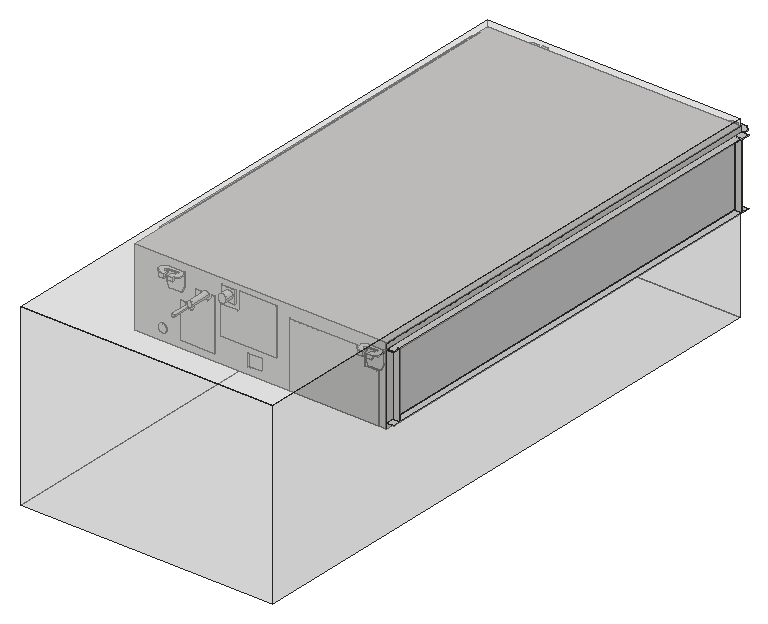
Revit family "outputfile", category 機械設備, Revit 2024
Family settings
  丸型コネクタ寸法 = 半径を使用
  パーツ タイプ = 標準
  OmniClass 番号 = 23.75.10.24.21.27.27
  OmniClass タイトル = Split System Air Conditioning Units
  作業面ベース = いいえ
  常に垂直 = はい
  ロード時にボイドで切り取り = いいえ
  注釈の向きを維持 = いいえ
  共有 = いいえ
  部屋計算ポイント = はい
Parameters (values of type "FBA42BV2S")
  Description = ""
  製造元 = "Daikin"
  書き出し IFC クラス(タイプ) = "IfcUnitaryEquipmentType"
  定義済み IFC タイプ(タイプ) = "AIRCONDITIONINGUNIT"
  Cost = 0
  モデル = "FBA42BV2S"
  Type Comments = ""
  Keynote = ""
  Type Image = (empty or 0)
  Assembly Code = ""
  switch_frequency = yes
  r_Liquid Pipe Size = Liquid Pipe Size / 2  # 4.75 mm
  r_Gas Pipe Size = Gas Pipe Size / 2  # 7.95 mm
  r_Drain Pipe Size = Drain Pipe Size / 2  # 12.5 mm
  lw_power = 770.0 mm  # constant formula
  lh_SA = 138.0 mm  # constant formula
  lw_SA = if(Depth = 550.0 mm, 225.0 mm, if(Depth = 700.0 mm, 300.0 mm, if(Depth = 1000.0 mm, 450.0 mm, if(Depth = 1400.0 mm, 650.0 mm, 725.0 mm))))  # 650.0 mm
  lw_RA = if(Depth = 550.0 mm, 275.0 mm, if(Depth = 700.0 mm, 349.0 mm, if(Depth = 1000.0 mm, 499.0 mm, if(Depth = 1400.0 mm, 699.0 mm, 775.0 mm))))  # 699.0 mm
  lh_power = 60.0 mm + [h***]  # 60.0 mm
  lh_mountinghole1 = lh_mountinghole + [h***]  # 222.0 mm
  lh_RA = 123.0 mm  # constant formula
  ld_power = Depth / 2  # 700.0 mm
  connector_voltage = Voltage_50Hz  # 220 V
  connector_powerinput = [Power Input (Cooling)]  # 4.160 kW
  connector_phase = Phase_50Hz  # 1
  Voltage_comment_50Hz = "220 - 240"
  Voltage_50Hz = 220 V
  URL = ""
  Supply Air Direction [instance] = yes
  Sound Power Level_H speed (dB) = 0
  Phase_50Hz = 1
  Minimum External Static Pressure = 50.00 Pa
  Minimum Circuit Amps_50Hz = 2.9 A
  Maximum Fuse Amps_50Hz = 16.0 A
  Maximum External Static Pressure = 150.00 Pa
  Material_Casing = DAIKIN_GalvanizedSteel_Casing_indoorunit
  lw_mountinghole = 630.0 mm  # constant formula
  lh_gaspipe = 183.0 mm + [h***]  # 183.0 mm
  lh_mountinghole = 222.0 mm  # constant formula
  lh_liquidpipe = 136.0 mm + [h***]  # 136.0 mm
  lh_drainpipe = 207.0 mm + [h***]  # 207.0 mm
  lh_antena = Height - lh_mountinghole + 1.0 mm  # 24.0 mm
  ld_drainpipe = Depth / 2 + 26.0 mm  # 726.0 mm
  ld_liquidpipe = Depth / 2 + 69.0 mm  # 769.0 mm
  ld_gaspipe = Depth / 2 + 65.0 mm  # 765.0 mm
  ld_mountinghole = Depth + 38.0 mm  # 1438.0 mm
  h*** = 0.0 mm  # constant formula
  lw_liquidpipe = 179.0 mm  # constant formula
  lw_gaspipe = 229.0 mm  # constant formula
  lw_drainpipe = 300.0 mm  # constant formula
  Width = 800.0 mm
  Version = "ver.1.0"
  Unit Type = "M.S.P. Duct"
  Unit Mass Weight = 47.00 kg
  Unit Designation [instance] = ""
  Uniclass2015Version = "Products v1.30"
  Uniclass2015Title = "Split coil room air conditioning units"
  Uniclass2015Code = "Pr_70_65_03_86"
  Total Cooling Capacity [instance] = 0.000 kW
  Sound Pressure Level_M speed (dBA) = 37.5
  Sound Pressure Level_L speed (dBA) = 35
  Sound Pressure Level_H speed (dBA) = 40
  Series = "SkyAir_Fan Coil Unit"
  Sensible Cooling Capacity [instance] = 0.000 kW
  SA Duct Size Width = 1192.0 mm
  SA Duct Size Height = 176.0 mm
  Refrigerant Type = "R32"
  RA Duct Size Width = 1352.0 mm
  RA Duct Size Height = 208.0 mm
  Power Input (Cooling) = 4.160 kW
  Option Accessory 3 [instance] = ""
  Option Accessory 2 [instance] = ""
  Option Accessory 1 [instance] = ""
  Nominal Cooling Capacity = 12.300 kW
  Minimum Airflow = 1500.00 m³/h
  Median Airflow = 1830.00 m³/h
  Maximum Airflow = 2160.00 m³/h
  Load Classification = HVAC
  Liquid Pipe Size = 9.5 mm
  Link_Nested Family [instance] = ""
  IfcVersion = ""
  IfcExportType = "AIRCONDITIONINGUNIT"
  IfcExportAs = "IfcUnitaryEquipmentType"
  Height = 245.0 mm
  Heat Exchanger Type = "Cross Fin Coil"
  Gas Pipe Size = 15.9 mm
  Frequency_50Hz = 50 Hz
  Fan Type = "Sirocco Fan"
  Fan Drive = "Direct Drive"
  FCU Tag No. [instance] = ""
  Drain Pipe Size = 25.0 mm
  Design Supply Airflow [instance] = 0.00 m³/h
  Design Return Airflow [instance] = 0.00 m³/h
  Design External Static Pressure [instance] = 0.00 Pa
  Depth = 1400.0 mm
  既定の高さ = 0.0 mm
  Cooling Entering Wet Bulb Temperature [instance] = 0.00 °C
  Cooling Entering Dry Bulb Temperature [instance] = 0.00 °C
  Cooling Ambient Wet Bulb Temperature [instance] = 0.00 °C
  Cooling Ambient Dry Bulb Temperature [instance] = 0.00 °C
  Clearance visibility [instance] = yes
  Clearance Top = 20.0 mm
  Clearance Right = 0.0 mm
  Clearance Rear = 0.0 mm
  Clearance Left = 0.0 mm
  Clearance Front = 450.0 mm
  Clearance Bottom = 300.0 mm
Reference planes
  plane 1 "Center (Front/Back)": y = 0
  plane 2 "h": z = 0
  plane 3 "Center (Left/Right)": x = 0
  plane 4 "Back": y = 700
  plane 5 "Front": y = -700
  plane 6 "Left": x = -400
  plane 7 "Right": x = 400
  plane 8 "Top": z = 0
  plane 9 "Bottom": z = -245
  plane 10: y = -215
  plane 11: y = 700
  plane 12: y = -1150
  plane 13: x = -400
  plane 14: x = 400
  plane 15: z = 20
  plane 16: z = -545
  plane 17: x = -400
  plane 18: x = -399
  plane 19: x = 399
  plane 20: y = 50
  plane 21: y = -1
  plane 22: z = -122
  plane 23: y = -701
  plane 24: z = -109
  plane 25: x = -221
  plane 26: y = -765
  plane 27: z = -62
  plane 28: x = -171
  plane 29: y = -726
  plane 30: z = -38
  plane 31: x = -100
  plane 32: x = -100
  plane 33: x = -221
  plane 34: x = -171
  plane 35: x = 370
  plane 36: x = -266
  plane 37: x = 364
  plane 38: y = -719
  plane 39: y = 719
  plane 40: z = -23
  plane 41: z = -107
  plane 42: y = -769
  plane 43: z = -207
  plane 44: x = -309
  plane 45: y = -376
  plane 46: x = -251
  plane 47: x = -203
  plane 48: x = -144
  plane 49: z = -59
  plane 50: z = -106
  plane 51: z = -221
  plane 52: z = -109
  plane 53: x = -221
  plane 54: z = -62
  plane 55: x = -171
  plane 56: z = -17
  plane 57: z = -59
  plane 58: x = -121
  plane 59: x = -79
  plane 60: x = -125
  plane 61: x = -64
  plane 62: x = 53
  plane 63: z = -164
  plane 64: z = -73
  plane 65: z = -16
  plane 66: x = 93.5
  plane 67: x = 374.5
  plane 68: x = 330
  plane 69: z = -88.5
  plane 70: z = -38
  plane 71: z = -242.5
  plane 72: x = -38.5
  plane 73: x = 6.5
  plane 74: z = -181
  plane 75: z = -221
  plane 76: y = -699
  plane 77: x = -424
  plane 78: x = 424
Forms (mm)
  Extrusion 1, solid, material "DAIKIN_GalvanizedSteel_Casing_indoorunit" <- "Material_Casing"
    sketch origin (0, 0, 0) x (1, 0, 0) y (0, 1, 0)
      loop
        line (-399, 700) -> (-399, -700) -> (399, -700) -> (399, 700) -> (-399, 700)
    from -245 to 0
  Extrusion 2, solid, material "DAIKIN_GalvanizedSteel_Casing_indoorunit" <- "Material_Casing"
    sketch origin (0, 0, 0) x (1, 0, 0) y (0, 0, 1)
      loop
        line (-251, -221) -> (-144, -221) -> (-144, -59) -> (-154.47, -59)
        arc (-154.47, -59) -> (-171, -78.8) -> (-187.53, -59) r 16.8
        line (-187.53, -59) -> (-203, -59) -> (-203, -106) -> (-206.916, -106)
        arc (-206.916, -106) -> (-221, -123.4) -> (-235.084, -106) r 14.4
        line (-235.084, -106) -> (-251, -106) -> (-251, -221)
    from 700 to 701
  Extrusion 3, solid, material "DAIKIN_GalvanizedSteel_Casing_indoorunit" <- "Material_Casing"
    sketch origin (0, 0, 0) x (1, 0, 0) y (0, 0, 1)
      loop
        line (-121, -17) -> (-121, -59) -> (-79, -59) -> (-79, -17) -> (-121, -17)
      loop
        line (-125, -73) -> (-125, -164) -> (53, -164) -> (53, -16) -> (-64, -16) -> (-64, -73) -> (-125, -73)
    from 700 to 701
  Extrusion 4, solid, material "DAIKIN_GalvanizedSteel_Casing_indoorunit" <- "Material_Casing"
    sketch origin (0, 0, 0) x (1, 0, 0) y (0, 0, 1)
      loop
        line (93.5, -38) -> (93.5, -242.5) -> (374.5, -242.5) -> (374.5, -88.5) -> (330, -88.5) -> (330, -38) -> (93.5, -38)
    from 700 to 701
  Extrusion 5, solid, material "DAIKIN_GalvanizedSteel_Casing_indoorunit" <- "Material_Casing"
    sketch origin (0, 0, 0) x (1, 0, 0) y (0, 0, 1)
      loop
        circle (-221, -109) r 4.75
    from 700 to 769
  Extrusion 6, solid, material "DAIKIN_GalvanizedSteel_Casing_indoorunit" <- "Material_Casing"
    sketch origin (0, 0, 0) x (1, 0, 0) y (0, 0, 1)
      loop
        circle (-171, -62) r 7.95
    from 700 to 765
  Extrusion 7, solid, material "DAIKIN_GalvanizedSteel_Casing_indoorunit" <- "Material_Casing"
    sketch origin (0, 0, 0) x (1, 0, 0) y (0, 0, 1)
      loop
        circle (-100, -38) r 12.5
    from 701 to 726
  Extrusion 8, solid, material "DAIKIN_GalvanizedSteel_Casing_indoorunit" <- "Material_Casing"
    sketch origin (0, 0, 0) x (1, 0, 0) y (0, 0, 1)
      loop
        circle (-309, -207) r 13
    from 700 to 526
  Extrusion 9, void
    sketch origin (0, 0, 0) x (1, 0, 0) y (0, 0, 1)
      loop
        line (-38.5, -181) -> (-38.5, -221) -> (6.5, -221) -> (6.5, -181) -> (-38.5, -181)
    from 699 to 700
Cuts and joins
  Extrusion 9 cuts Extrusion 1
Dimensions and locks
  "Height": plane 8 "Top" to plane 9 "Bottom"
  equal spacing: plane 4 "Back", plane 1 "Center (Front/Back)", plane 5 "Front"
  "Depth": plane 4 "Back" to plane 5 "Front"
  equal spacing: plane 6 "Left", plane 3 "Center (Left/Right)", plane 7 "Right"
  "Width": plane 6 "Left" to plane 7 "Right"
  "Clearance Left": plane 13 to plane 6 "Left"
  "Clearance Right": plane 7 "Right" to plane 14
  "Clearance Rear": plane 11 to plane 4 "Back"
  "Clearance Front": plane 5 "Front" to plane 12
  "Clearance Top": plane 15 to plane 8 "Top"
  "Clearance Bottom": plane 9 "Bottom" to plane 16
  locked: plane 17 to plane 18 at 1
  locked: plane 19 to plane 14 at 1
  "lw_SA": plane 11 to plane 20
  "lw_RA": plane 21 to plane 5 "Front"
  "lh_RA": plane 22 to plane 9 "Bottom"
  locked: plane 5 "Front" to plane 23 at 1
  "lw_liquidpipe": plane 25 to plane 6 "Left"
  "lh_liquidpipe": plane 24 to plane 9 "Bottom"
  "lh_gaspipe": plane 27 to plane 9 "Bottom"
  "lw_gaspipe": plane 28 to plane 6 "Left"
  "ld_gaspipe": plane 26 to plane 1 "Center (Front/Back)"
  "ld_drainpipe": plane 29 to plane 1 "Center (Front/Back)"
  "lh_drainpipe": plane 30 to plane 9 "Bottom"
  "lw_drainpipe": plane 31 to plane 6 "Left"
  "lw_drainpipe": plane 6 "Left" to plane 32
  "lw_liquidpipe": plane 6 "Left" to plane 33
  "lw_gaspipe": plane 6 "Left" to plane 34
  "lw_power": plane 6 "Left" to plane 35
  locked: plane 17 to plane 36 at 134
  "lw_mountinghole": plane 36 to plane 37
  equal spacing: plane 38, plane 1 "Center (Front/Back)", plane 39
  "ld_mountinghole": plane 39 to plane 38
  "lh_mountinghole": plane 40 to plane 9 "Bottom"
  "lh_SA": plane 41 to plane 9 "Bottom"
  locked: plane 44 to plane 6 "Left" at 91
  locked: plane 43 to plane 9 "Bottom" at 38
  plane 48 to plane 47 to plane 46 to plane 6 "Left" = 59.0 mm, 48.0 mm, 149.0 mm
  plane 8 "Top" to plane 49 to plane 50 to plane 51 = 59.0 mm locked, 47.0 mm locked, 115.0 mm locked
  plane 55 to plane 53 to plane 6 "Left" = 50.0 mm locked, 179.0 mm locked
  plane 54 to plane 52 to plane 9 "Bottom" = 47.0 mm locked, 136.0 mm locked
  plane 59 to plane 58 to plane 6 "Left" = 42.0 mm locked, 279.0 mm locked
  plane 8 "Top" to plane 56 to plane 57 = 17.0 mm locked, 42.0 mm locked
  plane 62 to plane 61 to plane 60 to plane 6 "Left" = 117.0 mm, 61.0 mm, 275.0 mm
  plane 8 "Top" to plane 65 to plane 64 = 16.0 mm locked, 57.0 mm locked
  locked: plane 65 to plane 63 at 148
  plane 8 "Top" to plane 70 to plane 69 to plane 71 = 38.0 mm locked, 50.5 mm locked, 154.0 mm locked
  plane 67 to plane 68 to plane 66 to plane 6 "Left" = 44.5 mm locked, 236.5 mm locked, 493.5 mm locked
  plane 8 "Top" to plane 74 to plane 75 = 181.0 mm locked, 40.0 mm locked
  plane 73 to plane 72 to plane 6 "Left" = 45.0 mm, 361.5 mm
  locked: plane 76 to plane 5 "Front" at 1
  locked: plane 77 to plane 17 at 24
  locked: plane 14 to plane 78 at 24
  "ld_liquidpipe": plane 42 to plane 1 "Center (Front/Back)"
  "r_Liquid Pipe Size": radius of Extrusion 5 sketch curve
  "r_Gas Pipe Size": radius of Extrusion 6 sketch curve
  "r_Drain Pipe Size": radius of Extrusion 7 sketch curve
  aligned and locked: level to plane 2 "h"
  aligned and locked: plane 8 "Top" to Extrusion 1
  aligned and locked: Extrusion 1 to plane 9 "Bottom"
  aligned and locked: nested 5 to plane 12
  aligned and locked: plane 13 to nested 5
  aligned and locked: plane 14 to nested 5
  aligned and locked: nested 5 to plane 13
  aligned and locked: plane 11 to nested 5
  aligned and locked: plane 15 to nested 5
  aligned and locked: plane 16 to nested 5
  aligned and locked: plane 5 "Front" to Extrusion 1 sketch curve
  aligned and locked: Extrusion 1 to plane 18
  aligned and locked: plane 19 to Extrusion 1
  aligned and locked: nested 7 to plane 18
  aligned and locked: nested 7 to plane 20
  aligned and locked: plane 19 to nested 8
  aligned and locked: plane 21 to nested 8
  aligned and locked: plane 22 to nested 8
  aligned and locked: Extrusion 2 to plane 23
  aligned and locked: plane 5 "Front" to Extrusion 2
  aligned and locked: Extrusion 3 to plane 23
  aligned and locked: plane 5 "Front" to Extrusion 3
  aligned and locked: plane 5 "Front" to Extrusion 4
  aligned and locked: Extrusion 5 sketch curve to plane 25
  aligned and locked: plane 24 to Extrusion 5 sketch curve
  aligned and locked: plane 5 "Front" to Extrusion 5
  aligned and locked: Extrusion 6 sketch curve to plane 28
  aligned and locked: plane 27 to Extrusion 6 sketch curve
  aligned and locked: plane 5 "Front" to Extrusion 6
  aligned and locked: Extrusion 7 sketch curve to plane 31
  aligned and locked: Extrusion 7 sketch curve to plane 30
  aligned and locked: Extrusion 7 to plane 29
  aligned and locked: plane 23 to Extrusion 7
  aligned and locked: nested 3 to plane 29
  aligned and locked: nested 3 to plane 32
  aligned and locked: nested 2 to plane 33
  aligned and locked: nested 1 to plane 34
  aligned and locked: Extrusion 6 to plane 26
  aligned and locked: nested 1 to plane 26
  aligned and locked: nested 6 to plane 5 "Front"
  aligned and locked: nested 6 to plane 35
  aligned and locked: plane 36 to nested 10
  aligned and locked: nested 10 to plane 5 "Front"
  aligned and locked: plane 37 to nested 9
  aligned and locked: nested 9 to plane 5 "Front"
  aligned and locked: nested 11 to plane 36
  aligned and locked: plane 4 "Back" to nested 11
  aligned and locked: nested 12 to plane 37
  aligned and locked: plane 4 "Back" to nested 12
  aligned and locked: plane 40 to nested 10
  aligned and locked: plane 40 to nested 11
  aligned and locked: plane 40 to nested 9
  aligned and locked: plane 40 to nested 12
  aligned and locked: plane 36 to nested 14
  aligned and locked: nested 14 to plane 39
  aligned and locked: plane 37 to nested 13
  aligned and locked: nested 13 to plane 39
  aligned and locked: plane 37 to nested 16
  aligned and locked: plane 38 to nested 16
  aligned and locked: plane 38 to nested 15
  aligned and locked: plane 36 to nested 15
  aligned and locked: plane 17 to plane 6 "Left"
  aligned and locked: plane 41 to nested 7
  aligned and locked: Extrusion 5 to plane 42
  aligned and locked: nested 2 to plane 42
  aligned and locked: Extrusion 8 sketch curve to plane 44
  aligned and locked: plane 43 to Extrusion 8 sketch curve
  aligned and locked: plane 5 "Front" to Extrusion 8
  aligned and locked: Extrusion 3 sketch curve to plane 56
  aligned and locked: Extrusion 3 sketch curve to plane 58
  aligned and locked: plane 57 to Extrusion 3 sketch curve
  aligned and locked: plane 59 to Extrusion 3 sketch curve
  aligned and locked: Extrusion 4 to plane 23
  aligned and locked: Extrusion 9 sketch curve to plane 74
  aligned and locked: plane 75 to Extrusion 9 sketch curve
  aligned and locked: plane 73 to Extrusion 9 sketch curve
  aligned and locked: plane 5 "Front" to Extrusion 9
  aligned and locked: plane 76 to Extrusion 9
  aligned and locked: nested 17 to plane 20
  aligned and locked: nested 17 to plane 77
  aligned and locked: plane 21 to nested 18
  aligned and locked: plane 78 to nested 18
  aligned and locked: plane 41 to nested 17
  aligned and locked: nested 18 to plane 22
  aligned and locked: nested 4 to plane 3 "Center (Left/Right)"
  aligned and locked: plane 1 "Center (Front/Back)" to nested 4
  aligned and locked: level to plane 8 "Top"
Automatic sketch dimensions
  plane 6 "Left" to Extrusion 1 sketch curve = 1.0 mm
  Extrusion 1 sketch curve to plane 7 "Right" = 1.0 mm
  Extrusion 1 sketch curve to plane 4 "Back" = 0.0 mm
  Extrusion 2 sketch curve to plane 46 = 0.0 mm
  Extrusion 2 sketch curve to plane 33 = 0.0 mm
  Extrusion 2 sketch curve to plane 47 = 0.0 mm
  Extrusion 2 sketch curve to plane 34 = 0.0 mm
  Extrusion 2 sketch curve to plane 48 = 0.0 mm
  Extrusion 2 sketch curve to plane 51 = 0.0 mm
  Extrusion 2 sketch curve to plane 52 = 0.0 mm
  Extrusion 2 sketch curve to plane 50 = 0.0 mm  (x3)
  Extrusion 2 sketch curve to plane 54 = 0.0 mm
  Extrusion 2 sketch curve to plane 49 = 0.0 mm  (x3)
  plane 33 to Extrusion 2 sketch curve = 14.084 mm
  plane 34 to Extrusion 2 sketch curve = 16.53 mm
  Extrusion 3 sketch curve to plane 60 = 0.0 mm
  Extrusion 3 sketch curve to plane 61 = 0.0 mm
  Extrusion 3 sketch curve to plane 62 = 0.0 mm
  Extrusion 3 sketch curve to plane 63 = 0.0 mm
  Extrusion 3 sketch curve to plane 64 = 0.0 mm
  Extrusion 3 sketch curve to plane 65 = 0.0 mm
  Extrusion 4 sketch curve to plane 66 = 0.0 mm
  Extrusion 4 sketch curve to plane 68 = 0.0 mm
  Extrusion 4 sketch curve to plane 67 = 0.0 mm
  Extrusion 4 sketch curve to plane 71 = 0.0 mm
  Extrusion 4 sketch curve to plane 69 = 0.0 mm
  Extrusion 4 sketch curve to plane 70 = 0.0 mm
  Extrusion 9 sketch curve to plane 72 = 0.0 mm
  radius of Extrusion 8 sketch curve = 13.0 mm
Nested families
  nested 1: "daikin_connector_rotate2" at (-171, 0, -62), length <- "ld_gaspipe", built-in parameter 1001364 <- "lh_gaspipe", radius <- "r_Gas Pipe Size", type "daikin_connector_rotate2"
    with radius 7.95 mm, length 765.0 mm, angle_vertical 90.00°
  nested 2: "daikin_connector_rotate2" at (-221, 0, -109), length <- "ld_liquidpipe", built-in parameter 1001364 <- "lh_liquidpipe", radius <- "r_Liquid Pipe Size", type "daikin_connector_rotate2"
    with radius 4.75 mm, length 769.0 mm, angle_vertical 90.00°
  nested 3: "daikin_connector_rotate2" at (-100, 0, -38), length <- "ld_drainpipe", built-in parameter 1001364 <- "lh_drainpipe", radius <- "r_Drain Pipe Size", type "daikin_connector_rotate2"
    with radius 12.5 mm, length 726.0 mm, angle_vertical 90.00°
  nested 4: "daikin_△_symbolicline" at (0, 0, 245) x (0, -1, 0) z (0, 0, 1), built-in parameter 1001364 <- "Height", visible <- "Supply Air Direction", type "daikin_△_symbolicline"
    with length 200.0 mm
  nested 5: "daikin_clearancespace" at (0, -225, -262.381), visible <- "Clearance visibility", show <- "Clearance visibility", Link_Nested Family <- "Link_Nested Family", type "daikin_clearancespace"
    with width 800.0 mm, show yes, height 565.0 mm, depth 1850.0 mm, Link_Nested Family ""
  nested 6: "daikin_connector_rotate2" at (370, 0, -185), built-in parameter 1001364 <- "lh_power", length <- "ld_power", type "daikin_connector_rotate2"
    with radius 10.0 mm, length 700.0 mm, angle_vertical 90.00°
  nested 7: "daikin_ductflange_FBA-BV2S2" at (-399, 50, -107) x (0, -1, 0) z (0, 0, 1), type "daikin_ductflange_FBA-BV2S2"
  nested 8: "daikin_ductflange_FBA-BV2S" at (399, -1, -122) x (0, 1, 0) z (0, 0, 1), type "daikin_ductflange_FBA-BV2S"
    with width 1352.0 mm, lw 25.0 mm, w 1400.0 mm
  nested 9: "daikin_hangerfixture_FBA-BV2S" at (364, -700, -23), type "daikin_hangerfixture_FBA-BV2S"
  nested 10: "daikin_hangerfixture_FBA-BV2S" at (-266, -700, -23), type "daikin_hangerfixture_FBA-BV2S"
  nested 11: "daikin_hangerfixture_FBA-BV2S" at (-266, 700, -23) x (-1, 0, 0) z (0, 0, 1), type "daikin_hangerfixture_FBA-BV2S"
  nested 12: "daikin_hangerfixture_FBA-BV2S" at (364, 700, -23) x (-1, 0, 0) z (0, 0, 1), type "daikin_hangerfixture_FBA-BV2S"
  nested 13: "daikin_mountinghole" at (364, 719, -245), h_mountinghole <- "lh_mountinghole1", l_antenna <- "lh_antena", Link_Nested Family <- "Link_Nested Family", type "daikin_mountinghole"
    with show yes, l_antenna 24.0 mm, h_mountinghole 222.0 mm, Link_Nested Family ""
  nested 14: "daikin_mountinghole" at (-266, 719, -245), h_mountinghole <- "lh_mountinghole1", l_antenna <- "lh_antena", Link_Nested Family <- "Link_Nested Family", type "daikin_mountinghole"
    with show yes, l_antenna 24.0 mm, h_mountinghole 222.0 mm, Link_Nested Family ""
  nested 15: "daikin_mountinghole" at (-266, -719, -245), h_mountinghole <- "lh_mountinghole1", l_antenna <- "lh_antena", Link_Nested Family <- "Link_Nested Family", type "daikin_mountinghole"
    with show yes, l_antenna 24.0 mm, h_mountinghole 222.0 mm, Link_Nested Family ""
  nested 16: "daikin_mountinghole" at (364, -719, -245), h_mountinghole <- "lh_mountinghole1", l_antenna <- "lh_antena", Link_Nested Family <- "Link_Nested Family", type "daikin_mountinghole"
    with show yes, l_antenna 24.0 mm, h_mountinghole 222.0 mm, Link_Nested Family ""
  nested 17: "daikin_connector_rotate2" at (-400, 50, -107) x (0, -1, 0) z (0, 0, 1), type "daikin_connector_rotate2"
    with radius 10.0 mm, length 24.0 mm, angle_vertical 90.00°
  nested 18: "daikin_connector_rotate2" at (400, -1, -122) x (0, 1, 0) z (0, 0, 1), type "daikin_connector_rotate2"
    with radius 10.0 mm, length 24.0 mm, angle_vertical 90.00°
Connectors
  piping at (-100, -726, -38), diameter 25, driven by "r_Drain Pipe Size"
    settings: on nested 3, index 3, connector inside diameter 609.6 mm, connector length 0.0 mm, flow factor 0, pipe flow 0.00 m³/h, pressure drop 0.0 Pa, fitting loss kfactor 0, connector angle 0.00°, fixture units 0, engagement length 0.0 mm, angle of deflection 0.00°, flow configuration 1, flow direction 2, fitting loss method 4, system type 16, joint type 0, gender type 0, connector reference index -1, connector utility 0, adjustable connector no, is connector primary yes, connector description "Condensate Drain Piping"
  piping at (-171, -765, -62), diameter 15.9, driven by "r_Gas Pipe Size"
    settings: on nested 1, index 4, connector inside diameter 609.6 mm, connector length 0.0 mm, flow factor 0, pipe flow 0.00 m³/h, pressure drop 0.0 Pa, fitting loss kfactor 0, connector angle 0.00°, fixture units 0, engagement length 0.0 mm, angle of deflection 0.00°, flow configuration 1, flow direction 2, fitting loss method 0, system type 29, joint type 0, gender type 0, connector reference index -1, connector utility 0, adjustable connector no, is connector primary no, connector description "Refrigerant Gas Piping"
  piping at (-221, -769, -109), diameter 9.5, driven by "r_Liquid Pipe Size"
    settings: on nested 2, index 5, connector inside diameter 609.6 mm, connector length 0.0 mm, flow factor 0, pipe flow 0.00 m³/h, pressure drop 0.0 Pa, fitting loss kfactor 0, connector angle 0.00°, fixture units 0, engagement length 0.0 mm, angle of deflection 0.00°, flow configuration 1, flow direction 1, fitting loss method 0, system type 29, joint type 0, gender type 0, connector reference index -1, connector utility 0, adjustable connector no, is connector primary no, connector description "Refrigerant Liquid Piping"
  electrical at (370, -700, -185), driven by "Load Classification", driven by "connector_voltage", driven by "connector_phase", driven by "connector_powerinput"
    settings: on nested 6, index 6, voltage 220 V, apparent load 4160 VA, apparent load phase1 0 VA, apparent load phase2 0 VA, apparent load phase3 0 VA, power factor 1, load classification "HVAC", number of poles 1, system type 30, power factor state 1, is connector primary yes, connector utility no, sub classification motor no, connector description "Power Supply"
  hvac at (-424, 50, -107), driven by "SA Duct Size Height", driven by "SA Duct Size Width"
    settings: on nested 17, index 7, duct flow 0.00 m³/h, flow factor 0, pres drop 0.00 Pa, loss coef 0, conn angle 0.00°, conn width 1192.0 mm, conn height 176.0 mm, conn diameter 609.6 mm, duct sys type 1, conn prof type 1, flow config 0, flow direction 2, loss method 4, conn ref index -1, conn util no, is conn primary yes, conn desc "SA Duct"
  hvac at (424, -1, -122), driven by "RA Duct Size Height", driven by "RA Duct Size Width"
    settings: on nested 18, index 8, duct flow 0.00 m³/h, flow factor 0, pres drop 0.00 Pa, loss coef 0, conn angle 0.00°, conn width 1352.0 mm, conn height 208.0 mm, conn diameter 609.6 mm, duct sys type 2, conn prof type 1, flow config 0, flow direction 1, loss method 4, conn ref index -1, conn util no, is conn primary no, conn desc "RA Duct"
Definition of nested family "daikin_clearancespace"
  Parameters (values of type "daikin_clearancespace")
    Description = "daikin_clearancespace"
    width [instance] = 1823.963 mm
    show [instance] = yes
    material = none
    height [instance] = 1359.762 mm
    depth [instance] = 880.0 mm
    Default Elevation = 0.0 mm
    Link_Nested Family [instance] = ""
  Reference planes
    plane 1 "Center (Front/Back)": y = 0
    plane 2 "Center (Elevation)": z = -0.119
    plane 3 "Center (Left/Right)": x = 0
    plane 4: y = 440
    plane 5: y = -440
    plane 6 "Right": x = 911.982
    plane 7 "Left": x = -911.982
    plane 8 "Top": z = 679.762
    plane 9 "Bottom": z = -680
  Forms (mm)
    Extrusion 1, solid, material <- "material", visible <- "show"
      sketch origin (0, 0, 0) x (1, 0, 0) y (0, 1, 0)
        loop
          line (-911.982, 440) -> (-911.982, -440) -> (911.982, -440) -> (911.982, 440) -> (-911.982, 440)
      from -680 to 679.762
  Lines and regions (mm)
    symbolic lines, visible <- "show"
      curve 1: line (911.982, 440, 0) -> (-911.982, 440, 0)
      curve 2: line (-911.982, 440, 0) -> (-911.982, -440, 0)
      curve 3: line (-911.982, -440, 0) -> (911.982, -440, 0)
      curve 4: line (911.982, -440, 0) -> (911.982, 440, 0)
      curve 5: line (911.982, 0, 679.762) -> (-911.982, 0, 679.762)
      curve 6: line (911.982, 0, -680) -> (911.982, 0, 679.762)
      curve 7: line (-911.982, 0, -680) -> (911.982, 0, -680)
      curve 8: line (-911.982, 0, 679.762) -> (-911.982, 0, -680)
      curve 9: line (0, 440, 679.762) -> (0, -440, 679.762)
      curve 10: line (0, -440, 679.762) -> (0, -440, -680)
      curve 11: line (0, 440, -680) -> (0, 440, 679.762)
      curve 12: line (0, -440, -680) -> (0, 440, -680)
  Dimensions and locks
    "width": plane 7 "Left" to plane 6 "Right"
    "depth": plane 4 to plane 5
    "height": plane 8 "Top" to plane 9 "Bottom"
    equal spacing: plane 7 "Left", plane 3 "Center (Left/Right)", plane 6 "Right"
    equal spacing: plane 4, plane 1 "Center (Front/Back)", plane 5
    equal spacing: plane 8 "Top", plane 2 "Center (Elevation)", plane 9 "Bottom"
    aligned and locked: level to plane 2 "Center (Elevation)"
    aligned and locked: Extrusion 1 sketch curve to plane 4
    aligned and locked: plane 7 "Left" to Extrusion 1 sketch curve
    aligned and locked: Extrusion 1 sketch curve to plane 5
    aligned and locked: Extrusion 1 sketch curve to plane 6 "Right"
    aligned and locked: plane 8 "Top" to Extrusion 1
    aligned and locked: curve 1 to Extrusion 1
    aligned and locked: curve 2 to Extrusion 1
    aligned and locked: curve 3 to Extrusion 1
    aligned and locked: curve 4 to Extrusion 1
    aligned and locked: curve 5 to Extrusion 1
    aligned and locked: curve 6 to Extrusion 1
    aligned and locked: curve 7 to Extrusion 1
    aligned and locked: curve 8 to Extrusion 1
    aligned and locked: curve 9 to Extrusion 1
    aligned and locked: curve 10 to Extrusion 1
    aligned and locked: curve 11 to Extrusion 1
    aligned and locked: curve 12 to Extrusion 1
    aligned and locked: Extrusion 1 to plane 9 "Bottom"
Definition of nested family "daikin_ductflange_FBA-BV2S2"
  Parameters (values of type "daikin_ductflange_FBFC-DVMG2")
    width = if(w = 550.0 mm, 337.0 mm, if(w = 700.0 mm, 492.0 mm, if(w = 1000.0 mm, 792.0 mm, if(w = 1400.0 mm, 1192.0 mm, 1337.0 mm))))  # 1192.0 mm
    material = none
    height = 215.0 mm
    depth = 1.0 mm
    w = 1400.0 mm
    Default Elevation = 0.0 mm
  Reference planes
    plane 1 "Center (Front/Back)": y = 0
    plane 2: z = 0
    plane 3 "Center (Left/Right)": x = 0
    plane 4: z = 88
    plane 5: z = -88
    plane 6: y = -25
    plane 7: z = 106
    plane 8: z = 89
    plane 9: y = -1
    plane 10: x = -617.5
    plane 11: x = 617.5
    plane 12: z = -106
    plane 13: z = -89
    plane 14: y = -1
    plane 15: x = 596
    plane 16: x = -596
    plane 17: x = 597
    plane 18: z = 87
    plane 19: z = -87
    plane 20: x = -597
    plane 21: z = 87
    plane 22: z = -87
    plane 23: y = -1
  Forms (mm)
    Extrusion 1, solid, material <- "material"
      sketch origin (0, 0, 0) x (0, 1, 0) y (0, 0, 1)
        loop
          line (-25, 88) -> (0, 88) -> (0, 106) -> (-1, 106) -> (-1, 89) -> (-25, 89) -> (-25, 88)
      from -617.5 to 617.5
    Extrusion 2, solid, material <- "material"
      sketch origin (0, 0, 0) x (0, 1, 0) y (0, 0, 1)
        loop
          line (-25, -88) -> (-25, -89) -> (-1, -89) -> (-1, -106) -> (0, -106) -> (0, -88) -> (-25, -88)
      from -617.5 to 617.5
    Extrusion 3, solid, material <- "material"
      sketch origin (0, 0, 0) x (1, 0, 0) y (0, 0, 1)
        loop
          line (596, 88) -> (596, -88) -> (617.5, -88) -> (617.5, -87) -> (597, -87) -> (597, 87) -> (617.5, 87) -> (617.5, 88) -> (596, 88)
      from 0 to 25
    Extrusion 4, solid, material <- "material"
      sketch origin (0, 0, 0) x (1, 0, 0) y (0, 0, 1)
        loop
          line (-617.5, 88) -> (-617.5, 87) -> (-597, 87) -> (-597, -87) -> (-617.5, -87) -> (-617.5, -88) -> (-596, -88) -> (-596, 88) -> (-617.5, 88)
      from 0 to 25
    Extrusion 5, solid, material <- "material"
      sketch origin (0, 0, 0) x (1, 0, 0) y (0, 0, 1)
        loop
          line (-617.5, 88) -> (-617.5, -88) -> (-596, -88) -> (-596, 88) -> (-617.5, 88)
        loop
          line (617.5, 88) -> (596, 88) -> (596, -88) -> (617.5, -88) -> (617.5, 88)
      from 0 to 1
  Cuts and joins
    joined: Extrusion 1, Extrusion 2, Extrusion 3, Extrusion 4, Extrusion 5
  Dimensions and locks
    plane 4 to level to plane 5 = 88.0 mm, 88.0 mm
    locked: plane 6 to plane 1 "Center (Front/Back)" at 25
    locked: plane 9 to plane 1 "Center (Front/Back)" at 1
    locked: plane 8 to plane 4 at 1
    locked: plane 16 to plane 10 at 21.5
    locked: plane 17 to plane 15 at 1
    locked: plane 4 to plane 18 at 1
    locked: plane 19 to plane 5 at 1
    "width": plane 15 to plane 16
    plane 4 to plane 5 = 176.0 mm
    locked: plane 16 to plane 20 at 1
    locked: plane 4 to plane 21 at 1
    locked: plane 22 to plane 5 at 1
    locked: plane 23 to plane 1 "Center (Front/Back)" at 1
    plane 4 to level to plane 5 = 88.0 mm locked, 88.0 mm locked
    locked: plane 5 to plane 13 at 1
    locked: plane 5 to plane 12 at 18
    locked: plane 7 to plane 4 at 18
    equal spacing: plane 15, plane 3 "Center (Left/Right)", plane 16
    locked: plane 11 to plane 15 at 21.5
    plane 11 to plane 10 = 1235.0 mm
    aligned and locked: level to plane 2
    aligned and locked: Extrusion 1 to plane 10
    aligned and locked: plane 11 to Extrusion 1
    aligned and locked: plane 5 to Extrusion 2
    aligned and locked: Extrusion 2 to plane 1 "Center (Front/Back)"
    aligned and locked: plane 15 to Extrusion 3 sketch curve
    aligned and locked: Extrusion 3 sketch curve to Extrusion 2  (x2)
    aligned and locked: Extrusion 3 sketch curve to plane 11
    aligned and locked: plane 6 to Extrusion 3
    aligned and locked: Extrusion 2 to plane 10
    aligned and locked: plane 11 to Extrusion 2
    aligned and locked: Extrusion 4 sketch curve to Extrusion 1  (x2)
    aligned and locked: plane 5 to Extrusion 4 sketch curve
    aligned and locked: Extrusion 4 sketch curve to plane 16
    aligned and locked: Extrusion 4 sketch curve to plane 22
    aligned and locked: plane 20 to Extrusion 4 sketch curve
    aligned and locked: plane 21 to Extrusion 4 sketch curve
    aligned and locked: Extrusion 4 to plane 1 "Center (Front/Back)"
    aligned and locked: plane 6 to Extrusion 4
    aligned and locked: Extrusion 5 sketch curve to Extrusion 1  (x4)
    aligned and locked: Extrusion 5 sketch curve to Extrusion 4  (x2)
    aligned and locked: Extrusion 5 sketch curve to Extrusion 3  (x2)
    aligned and locked: Extrusion 5 to plane 1 "Center (Front/Back)"
    aligned and locked: plane 23 to Extrusion 5
  Automatic sketch dimensions
    Extrusion 1 sketch curve to plane 6 = 0.0 mm
    Extrusion 1 sketch curve to plane 7 = 0.0 mm
    Extrusion 1 sketch curve to plane 9 = 0.0 mm
    Extrusion 1 sketch curve to plane 1 "Center (Front/Back)" = 0.0 mm
    Extrusion 1 sketch curve to plane 4 = 0.0 mm
    Extrusion 1 sketch curve to plane 8 = 0.0 mm
    Extrusion 2 sketch curve to plane 6 = 0.0 mm
    plane 12 to Extrusion 2 sketch curve = 0.0 mm
    Extrusion 2 sketch curve to plane 14 = 0.0 mm
    Extrusion 2 sketch curve to plane 1 "Center (Front/Back)" = 0.0 mm
    plane 13 to Extrusion 2 sketch curve = 0.0 mm
    Extrusion 2 sketch curve to plane 5 = 0.0 mm
    Extrusion 3 sketch curve to plane 17 = 0.0 mm
    Extrusion 3 sketch curve to plane 19 = 0.0 mm
    Extrusion 3 sketch curve to plane 18 = 0.0 mm
    Extrusion 3 sketch curve to plane 4 = 0.0 mm
    Extrusion 4 sketch curve to plane 10 = 0.0 mm
Definition of nested family "daikin_ductflange_FBA-BV2S"
  Parameters (values of type "daikin_ductflange_FBFC-DVMG")
    width = if(w = 550.0 mm, 502.0 mm, if(w = 700.0 mm, 654.0 mm, if(w = 1000.0 mm, 952.0 mm, if(w = 1400.0 mm, 1352.0 mm, 1502.0 mm))))  # 654.0 mm
    material = none
    lw = if(width = 654.0 mm, 23.0 mm, 25.0 mm)  # 23.0 mm
    height = 208.0 mm
    depth = 1.0 mm
    w = 700.0 mm
    Default Elevation = 0.0 mm
  Reference planes
    plane 1 "Center (Front/Back)": y = 0
    plane 2: z = 0
    plane 3 "Center (Left/Right)": x = 0
    plane 4: z = 104
    plane 5: z = -104
    plane 6: y = -25
    plane 7: z = 121
    plane 8: z = 105
    plane 9: y = -1
    plane 10: x = -350
    plane 11: x = 350
    plane 12: z = -122
    plane 13: z = -105
    plane 14: y = -1
    plane 15: x = 327
    plane 16: x = -327
    plane 17: x = 328
    plane 18: z = 103
    plane 19: z = -103
    plane 20: x = -328
    plane 21: z = 103
    plane 22: z = -103
    plane 23: y = -1
  Forms (mm)
    Extrusion 1, solid, material <- "material"
      sketch origin (0, 0, 0) x (0, 1, 0) y (0, 0, 1)
        loop
          line (-25, 104) -> (0, 104) -> (0, 121) -> (-1, 121) -> (-1, 105) -> (-25, 105) -> (-25, 104)
      from -350 to 350
    Extrusion 2, solid, material <- "material"
      sketch origin (0, 0, 0) x (0, 1, 0) y (0, 0, 1)
        loop
          line (-25, -104) -> (-25, -105) -> (-1, -105) -> (-1, -122) -> (0, -122) -> (0, -104) -> (-25, -104)
      from -350 to 350
    Extrusion 3, solid, material <- "material"
      sketch origin (0, 0, 0) x (1, 0, 0) y (0, 0, 1)
        loop
          line (327, 104) -> (327, -104) -> (350, -104) -> (350, -103) -> (328, -103) -> (328, 103) -> (350, 103) -> (350, 104) -> (327, 104)
      from 0 to 25
    Extrusion 4, solid, material <- "material"
      sketch origin (0, 0, 0) x (1, 0, 0) y (0, 0, 1)
        loop
          line (-350, 104) -> (-350, 103) -> (-328, 103) -> (-328, -103) -> (-350, -103) -> (-350, -104) -> (-327, -104) -> (-327, 104) -> (-350, 104)
      from 0 to 25
    Extrusion 5, solid, material <- "material"
      sketch origin (0, 0, 0) x (1, 0, 0) y (0, 0, 1)
        loop
          line (-350, 104) -> (-350, -104) -> (-327, -104) -> (-327, 104) -> (-350, 104)
        loop
          line (350, 104) -> (327, 104) -> (327, -104) -> (350, -104) -> (350, 104)
      from 0 to 1
  Cuts and joins
    joined: Extrusion 1, Extrusion 2, Extrusion 3, Extrusion 4, Extrusion 5
  Dimensions and locks
    plane 4 to level to plane 5 = 104.0 mm, 104.0 mm
    locked: plane 6 to plane 1 "Center (Front/Back)" at 25
    locked: plane 9 to plane 1 "Center (Front/Back)" at 1
    locked: plane 8 to plane 4 at 1
    "lw": plane 11 to plane 15
    "lw": plane 16 to plane 10
    locked: plane 17 to plane 15 at 1
    locked: plane 4 to plane 18 at 1
    locked: plane 19 to plane 5 at 1
    "width": plane 15 to plane 16
    equal spacing: plane 15, plane 3 "Center (Left/Right)", plane 16
    locked: plane 16 to plane 20 at 1
    locked: plane 4 to plane 21 at 1
    locked: plane 22 to plane 5 at 1
    locked: plane 23 to plane 1 "Center (Front/Back)" at 1
    locked: plane 7 to plane 4 at 17
    locked: plane 1 "Center (Front/Back)" to plane 14 at 1
    locked: plane 5 to plane 13 at 1
    "height": plane 4 to plane 5
    plane 11 to plane 10 = 700.0 mm
    locked: plane 12 to plane 13 at 17
    equal spacing: plane 4, level, plane 5
    aligned and locked: level to plane 2
    aligned and locked: Extrusion 1 to plane 10
    aligned and locked: plane 11 to Extrusion 1
    aligned and locked: plane 5 to Extrusion 2
    aligned and locked: Extrusion 2 to plane 1 "Center (Front/Back)"
    aligned and locked: plane 15 to Extrusion 3 sketch curve
    aligned and locked: Extrusion 3 sketch curve to Extrusion 2  (x2)
    aligned and locked: Extrusion 3 sketch curve to plane 11
    aligned and locked: plane 6 to Extrusion 3
    aligned and locked: Extrusion 2 to plane 10
    aligned and locked: plane 11 to Extrusion 2
    aligned and locked: Extrusion 4 sketch curve to Extrusion 1  (x2)
    aligned and locked: plane 5 to Extrusion 4 sketch curve
    aligned and locked: Extrusion 4 sketch curve to plane 16
    aligned and locked: Extrusion 4 sketch curve to plane 22
    aligned and locked: plane 20 to Extrusion 4 sketch curve
    aligned and locked: plane 21 to Extrusion 4 sketch curve
    aligned and locked: Extrusion 4 to plane 1 "Center (Front/Back)"
    aligned and locked: plane 6 to Extrusion 4
    aligned and locked: Extrusion 5 sketch curve to Extrusion 1  (x4)
    aligned and locked: Extrusion 5 sketch curve to Extrusion 4  (x2)
    aligned and locked: Extrusion 5 sketch curve to Extrusion 3  (x2)
    aligned and locked: Extrusion 5 to plane 1 "Center (Front/Back)"
    aligned and locked: plane 23 to Extrusion 5
  Automatic sketch dimensions
    Extrusion 1 sketch curve to plane 6 = 0.0 mm
    Extrusion 1 sketch curve to plane 7 = 0.0 mm
    Extrusion 1 sketch curve to plane 9 = 0.0 mm
    Extrusion 1 sketch curve to plane 1 "Center (Front/Back)" = 0.0 mm
    Extrusion 1 sketch curve to plane 4 = 0.0 mm
    Extrusion 1 sketch curve to plane 8 = 0.0 mm
    Extrusion 2 sketch curve to plane 6 = 0.0 mm
    plane 12 to Extrusion 2 sketch curve = 0.0 mm
    Extrusion 2 sketch curve to plane 14 = 0.0 mm
    Extrusion 2 sketch curve to plane 1 "Center (Front/Back)" = 0.0 mm
    plane 13 to Extrusion 2 sketch curve = 0.0 mm
    Extrusion 2 sketch curve to plane 5 = 0.0 mm
    Extrusion 3 sketch curve to plane 17 = 0.0 mm
    Extrusion 3 sketch curve to plane 19 = 0.0 mm
    Extrusion 3 sketch curve to plane 18 = 0.0 mm
    Extrusion 3 sketch curve to plane 4 = 0.0 mm
    Extrusion 4 sketch curve to plane 10 = 0.0 mm
Definition of nested family "daikin_hangerfixture_FBA-BV2S"
  Parameters (values of type "daikin_hangerfixture_FXMQ-PAVE")
    width = 72.0 mm
    material = none
    height = 60.0 mm
    depth = 41.0 mm
    Default Elevation = 0.0 mm
  Reference planes
    plane 1 "Center (Front/Back)": y = 0
    plane 2: z = 0
    plane 3 "Center (Left/Right)": x = 0
    plane 4: y = 417.146
    plane 5: y = -41
    plane 6: x = -36
    plane 7: x = 36
    plane 8: z = -2.3
    plane 9: z = -60
    plane 10: y = -2.3
    plane 11: z = -12
    plane 12: y = -38.7
  Forms (mm)
    Extrusion 1, solid, material <- "material"
      sketch origin (0, 0, 0) x (1, 0, 0) y (0, 1, 0)
        loop
          line (-28, 0) -> (-28, -5)
          arc (-28, -5) -> (-29.127, -8.162) -> (-32, -9.899) r 5
          arc (-32, -9.899) -> (-34.873, -11.636) -> (-36, -14.798) r 5
          line (-36, -14.798) -> (-36, -27.178)
          arc (-36, -27.178) -> (-35.429, -29.499) -> (-33.846, -31.289) r 5
          line (-33.846, -31.289) -> (-23, -38.798) -> (-23, -41.098) -> (-6.5, -41.098) -> (-6.5, -28.498)
          arc (-6.5, -28.498) -> (-7.379, -26.377) -> (-9.5, -25.498) r 3
          line (-9.5, -25.498) -> (-13.5, -25.498)
          arc (-13.5, -25.498) -> (-20, -18.998) -> (-13.5, -12.498) r 6.5
          line (-13.5, -12.498) -> (13.5, -12.498)
          arc (13.5, -12.498) -> (20, -18.998) -> (13.5, -25.498) r 6.5
          line (13.5, -25.498) -> (9.5, -25.498)
          arc (9.5, -25.498) -> (7.379, -26.377) -> (6.5, -28.498) r 3
          line (6.5, -28.498) -> (6.5, -41.098) -> (23, -41.098) -> (23, -38.798) -> (33.846, -31.289)
          arc (33.846, -31.289) -> (35.429, -29.499) -> (36, -27.178) r 5
          line (36, -27.178) -> (36, -14.596)
          arc (36, -14.596) -> (34.873, -11.434) -> (32, -9.697) r 5
          arc (32, -9.697) -> (29.127, -7.96) -> (28, -4.798) r 5
          line (28, -4.798) -> (28, 0) -> (-28, 0)
      from 0 to -2.3
    Extrusion 2, solid, material <- "material"
      sketch origin (0, 0, 0) x (1, 0, 0) y (0, 0, 1)
        loop
          line (28, -39.037) -> (28, 0) -> (-28, 0) -> (-28, -39.037)
          arc (-28, -39.037) -> (-27.91, -39.983) -> (-27.642, -40.894) r 5
          line (-27.642, -40.894) -> (-21.257, -56.857)
          arc (-21.257, -56.857) -> (-19.418, -59.14) -> (-16.615, -60) r 5
          line (-16.615, -60) -> (16.615, -60)
          arc (16.615, -60) -> (19.418, -59.14) -> (21.257, -56.857) r 5
          line (21.257, -56.857) -> (27.642, -40.894)
          arc (27.642, -40.894) -> (27.91, -39.983) -> (28, -39.037) r 5
      from 0 to 2.3
    Extrusion 3, solid, material <- "material"
      sketch origin (0, 0, 0) x (1, 0, 0) y (0, 0, 1)
        loop
          line (-23, 0) -> (-23, -9)
          arc (-23, -9) -> (-22.121, -11.121) -> (-20, -12) r 3
          line (-20, -12) -> (-9.5, -12)
          arc (-9.5, -12) -> (-7.379, -11.121) -> (-6.5, -9) r 3
          line (-6.5, -9) -> (-6.5, 0) -> (-23, 0)
        loop
          line (23, 0) -> (6.5, 0) -> (6.5, -9)
          arc (6.5, -9) -> (7.379, -11.121) -> (9.5, -12) r 3
          line (9.5, -12) -> (20, -12)
          arc (20, -12) -> (22.121, -11.121) -> (23, -9) r 3
          line (23, -9) -> (23, 0)
      from 38.8 to 41.098
  Cuts and joins
    joined: Extrusion 1, Extrusion 2, Extrusion 3
  Dimensions and locks
    plane 2 to plane 8 = 2.3 mm
    "height": plane 2 to plane 9
    locked: plane 10 to plane 1 "Center (Front/Back)" at 2.3
    locked: plane 2 to plane 11 at 12
    locked: plane 12 to plane 5 at 2.3
    aligned and locked: level to plane 2
    aligned and locked: Extrusion 1 to plane 8
    aligned and locked: plane 2 to Extrusion 1
    aligned and locked: plane 2 to Extrusion 2 sketch curve
    aligned and locked: Extrusion 2 to plane 10
    aligned and locked: Extrusion 2 to plane 1 "Center (Front/Back)"
    aligned and locked: Extrusion 3 sketch curve to cut or joined group of Extrusion 1, Extrusion 2, Extrusion 3  (x3)
    aligned and locked: cut or joined group of Extrusion 1, Extrusion 2, Extrusion 3 to Extrusion 3
  Automatic sketch dimensions
    Extrusion 2 sketch curve to plane 7 = 8.0 mm
    Extrusion 2 sketch curve to plane 8 = 36.737 mm
    plane 6 to Extrusion 2 sketch curve = 19.385 mm
    Extrusion 1 sketch curve to plane 6 = 0.0 mm
    plane 1 "Center (Front/Back)" to Extrusion 1 sketch curve = 0.0 mm
    Extrusion 1 sketch curve to plane 7 = 0.0 mm
    plane 6 to Extrusion 1 sketch curve = 2.154 mm
    plane 6 to Extrusion 1 sketch curve = 3.0 mm
    Extrusion 1 sketch curve to Extrusion 1 sketch curve = 5.0 mm  (x3)
    Extrusion 1 sketch curve to plane 12 = 0.098 mm  (x2)
    Extrusion 1 sketch curve to Extrusion 1 sketch curve = 4.0 mm  (x2)
    Extrusion 1 sketch curve to plane 5 = 0.098 mm  (x2)
    Extrusion 1 sketch curve to plane 3 "Center (Left/Right)" = 6.5 mm
    plane 3 "Center (Left/Right)" to Extrusion 1 sketch curve = 6.5 mm
    Extrusion 1 sketch curve to Extrusion 1 sketch curve = 3.0 mm
    Extrusion 1 sketch curve to plane 7 = 8.0 mm
    Extrusion 1 sketch curve to plane 7 = 5.0 mm
    Extrusion 1 sketch curve to plane 7 = 3.0 mm
    Extrusion 1 sketch curve to plane 7 = 2.154 mm
    plane 12 to Extrusion 1 sketch curve = 7.411 mm  (x2)
    plane 12 to Extrusion 1 sketch curve = 10.202 mm  (x2)
    Extrusion 1 sketch curve to Extrusion 1 sketch curve = 6.5 mm  (x2)
    Extrusion 1 sketch curve to Extrusion 1 sketch curve = 12.38 mm
    Extrusion 1 sketch curve to plane 10 = 12.296 mm
    Extrusion 1 sketch curve to plane 10 = 2.7 mm
    Extrusion 1 sketch curve to plane 10 = 2.498 mm
    plane 6 to Extrusion 1 sketch curve = 4.0 mm
    Extrusion 1 sketch curve to Extrusion 1 sketch curve = 0.0 mm  (x2)
    Extrusion 1 sketch curve to plane 7 = 4.0 mm
    Extrusion 1 sketch curve to Extrusion 1 sketch curve = 4.111 mm
    Extrusion 3 sketch curve to level = 0.0 mm  (x2)
    Extrusion 3 sketch curve to plane 11 = 0.0 mm  (x2)
    plane 11 to Extrusion 3 sketch curve = 3.0 mm  (x2)
    plane 3 "Center (Left/Right)" to Extrusion 3 sketch curve = 6.5 mm
    Extrusion 3 sketch curve to Extrusion 3 sketch curve = 3.0 mm  (x2)
    Extrusion 2 sketch curve to plane 9 = 0.0 mm
    Extrusion 2 sketch curve to Extrusion 2 sketch curve = 11.385 mm
    plane 6 to Extrusion 2 sketch curve = 8.0 mm
    plane 9 to Extrusion 2 sketch curve = 20.963 mm
    Extrusion 2 sketch curve to Extrusion 2 sketch curve = 5.0 mm  (x2)
    plane 9 to Extrusion 2 sketch curve = 3.143 mm  (x3)
    Extrusion 2 sketch curve to Extrusion 2 sketch curve = 4.642 mm  (x2)
    Extrusion 2 sketch curve to Extrusion 2 sketch curve = 0.0 mm  (x2)
    Extrusion 2 sketch curve to Extrusion 2 sketch curve = 0.358 mm
    Extrusion 2 sketch curve to Extrusion 2 sketch curve = 1.857 mm  (x2)
Definition of nested family "daikin_connector_rotate2"
  Parameters (values of type "daikin_connector_rotate2")
    Default Elevation = 1219.2 mm
    show_face = no
    radius [instance] = 10.0 mm
    length [instance] = 600.0 mm
    d_surface = 10.0 mm
    angle_vertical [instance] = 90.00°
  Reference planes
    plane 1 "Center (Front/Back)": y = 0
    plane 2: z = 0
    plane 3 "Center (Left/Right)": x = 0
  Forms (mm)
    Extrusion 1, solid, visible <- "show_face"
      sketch origin (0, -600, 0) x (1, 0, 0) y (0, 0, 1)
        loop
          circle (0, 0) r 10
      from 0 to -10
  Lines and regions (mm)
    reference lines
      curve 1: line (0, 0, 0) -> (0, -600, 0)
    symbolic lines
      curve 2: circle (0, 0, 0) r 5 normal (0, 0, 1)
    model lines, visible <- "show_face"
      curve 3: line (0, 0, 0) -> (0, -600, 0)
  Dimensions and locks
    "length": curve 1 to curve 1
    "length": curve 3 to curve 3
    "d_surface": Extrusion 1 to Extrusion 1
    "radius": radius of Extrusion 1 sketch curve
    "angle_vertical": angle curve 1 to plane 1 "Center (Front/Back)"
    "angle_vertical": angle curve 3 to plane 1 "Center (Front/Back)"
    aligned and locked: level to plane 2
    aligned and locked: plane 1 "Center (Front/Back)" to curve 1
    aligned and locked: plane 2 to curve 1
    aligned and locked: plane 1 "Center (Front/Back)" to curve 2
    aligned and locked: plane 3 "Center (Left/Right)" to curve 2
    aligned and locked: plane 1 "Center (Front/Back)" to curve 3
    aligned and locked: plane 2 to curve 3
    aligned and locked: Extrusion 1 to Extrusion 1
  Automatic sketch dimensions
    Extrusion 1 sketch curve to level = 0.0 mm
    Extrusion 1 sketch curve to plane 3 "Center (Left/Right)" = 0.0 mm
    radius of curve 2 = 5.0 mm
Definition of nested family "daikin_△_symbolicline"
  Parameters (values of type "daikin_△_symbolicline")
    length [instance] = 200.0 mm
    Default Elevation = 0.0 mm
  Reference planes
    plane 1 "Center (Front/Back)": y = 0
    plane 2: z = 0
    plane 3 "Center (Left/Right)": x = 0
  Lines and regions (mm)
    symbolic lines
      curve 1: line (0, -173.205, 0) -> (100, 0, 0)
      curve 2: line (100, 0, 0) -> (-100, 0, 0)
      curve 3: line (-100, 0, 0) -> (0, -173.205, 0)
  Dimensions and locks
    equal spacing: curve 3, plane 3 "Center (Left/Right)", curve 2
    "length": curve 3 to curve 2
    "length": curve 3 to curve 3
    "length": curve 1 to curve 1
    aligned and locked: level to plane 2
    aligned and locked: curve 2 to plane 1 "Center (Front/Back)"
    aligned and locked: plane 3 "Center (Left/Right)" to curve 3
Definition of nested family "daikin_mountinghole"
  Parameters (values of type "daikin_mountinghole")
    Default Elevation = 1219.2 mm
    Type Comments = "mountinghole"
    show [instance] = yes
    material = none
    l_centerline = 100.0 mm
    l_antenna [instance] = 100.0 mm
    h_mountinghole [instance] = 0.0 mm
    d_circle = 30.0 mm
    Link_Nested Family [instance] = ""
  Reference planes
    plane 1 "Center (Front/Back)": y = 0
    plane 2: z = 0
    plane 3 "Center (Left/Right)": x = 0
    plane 4: y = 50
    plane 5: x = -50
    plane 6: x = 50
    plane 7: y = -50
    plane 8 "h_mountinghole": z = 0
    plane 9: z = 100
  Lines and regions (mm)
    model lines, detail levels fine
      curve 1: circle (0, 0, 0) r 15 normal (0, 0, 1)
      curve 2: line (-50, 0, 0) -> (50, 0, 0)
      curve 3: line (0, 50, 0) -> (0, -50, 0)
    symbolic lines, detail levels fine
      curve 4: circle (0, 0, 0) r 15 normal (0, 0, 1)
      curve 5: line (-50, 0, 0) -> (50, 0, 0)
      curve 6: line (0, 50, 0) -> (0, -50, 0)
    model lines
      curve 7: line (0, 0, 100) -> (0, 0, 0)
  Dimensions and locks
    equal spacing: plane 4, plane 1 "Center (Front/Back)", plane 7
    "l_centerline": plane 4 to plane 7
    equal spacing: plane 5, plane 3 "Center (Left/Right)", plane 6
    "l_centerline": plane 5 to plane 6
    "l_antenna": plane 9 to plane 8 "h_mountinghole"
    "h_mountinghole": plane 8 "h_mountinghole" to plane 2
    "d_circle": diameter of curve 1
    "d_circle": diameter of curve 4
    aligned and locked: level to plane 2
    aligned and locked: plane 1 "Center (Front/Back)" to curve 1
    aligned and locked: plane 3 "Center (Left/Right)" to curve 1
    aligned and locked: plane 1 "Center (Front/Back)" to curve 2
    aligned and locked: curve 3 to plane 3 "Center (Left/Right)"
    aligned and locked: plane 6 to curve 2
    aligned and locked: plane 5 to curve 2
    aligned and locked: plane 4 to curve 3
    aligned and locked: plane 7 to curve 3
    aligned and locked: plane 1 "Center (Front/Back)" to curve 4
    aligned and locked: plane 3 "Center (Left/Right)" to curve 4
    aligned and locked: plane 6 to curve 5
    aligned and locked: plane 5 to curve 5
    aligned and locked: plane 1 "Center (Front/Back)" to curve 5
    aligned and locked: plane 4 to curve 6
    aligned and locked: plane 7 to curve 6
    aligned and locked: curve 6 to plane 3 "Center (Left/Right)"
    aligned and locked: curve 7 to plane 3 "Center (Left/Right)"
    aligned and locked: plane 9 to curve 7
    aligned and locked: plane 8 "h_mountinghole" to curve 7
